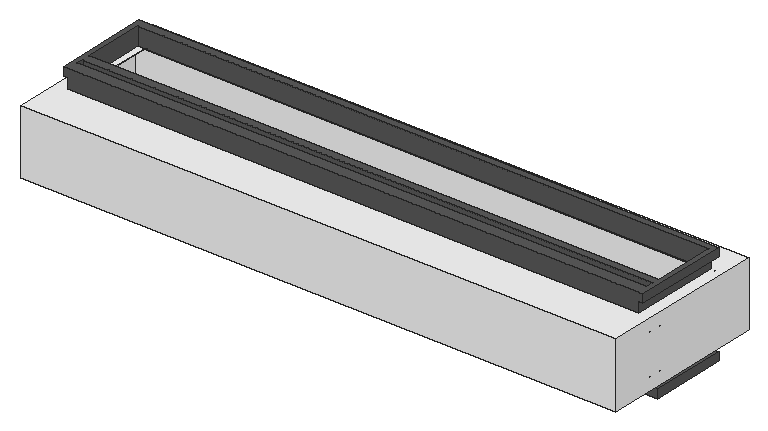
Revit family "C Series - C1520STIO - Front Intake", category Generic Models, host Face, Revit 2019
Family settings
  Host = Face
  Can host rebar = No
  Round Connector Dimension = Use Diameter
  Part Type = Normal
  Cut with Voids When Loaded = Yes
  Shared = Yes
  Room Calculation Point = No
Parameters (values of type "As Specified")
  URL = "https://www.montigo.com/"
  Top Offset Right = 0"
  Top Offset Left = 0"
  Manufacturer Website = "https://www.montigo.com/"
  Manufacturer Phone - Toll Free = "800-378-3115"
  Manufacturer Phone = ""
  Manufacturer Fax = ""
  Manufacturer Address = "27342 Gloucester Way  Langley, BC, Canada   V4W 4A1"
  Manufacturer = "Montigo"
  Length = 192 3/16"
  Intake Duct Offset = 6"
  Height = 53 113/256"
  HVAC_Exit Diameter = 8"
  HVAC_Entry Diameter = 7"
  HVAC_BTU Output = 0.0 Btu/h
  HVAC_BTU Input = 0.0 Btu/h
  Glazing Tint = Glass - Montigo - Tint as Specified
  Frame Material = Metal - Montigo - Black
  Firebox Material = Metal - Montigo - White
  Fire Place Opening Length = 43"
  Fire Place Opening = 30 1/2"
  Description = "Montigo Fireplace as Specified"
  Depth = 20 225/256"
  Default Elevation = 48"
  COOLPack Consumption = 1200 CFM
  Base Offset Right = 9"
  Base Offset Left = 9"
  Base Offset = 1"
  Base Height = 14 49/256"
  Assembly Code = "D3020"
Reference planes (in)
  plane 1 "Center (Front/Back)": y = 0
  plane 2: z = 0
  plane 3 "Center (Left/Right)": x = 0
  plane 4: x = -96.09375
  plane 5: x = 96.09375
  plane 6: y = 26.7207
  plane 7: y = -26.7207
  plane 8: y = -12.5293
  plane 9: z = 0
  plane 10: z = -20.87891
  plane 11: z = -10.43945
  plane 12: x = -93.5
  plane 13: x = 93.5
  plane 14: y = 17.9707
Forms (in)
  Extrusion 1, solid, material "Metal - Montigo - White" <- "Firebox Material"
    sketch origin (-60.41868, -180, 0) x (-1, 0, 0) y (0, -1, 0)
      loop
        line (35.67507, -206.7207) -> (35.67507, -153.2793) -> (-156.51243, -153.2793) -> (-156.51243, -206.7207) -> (35.67507, -206.7207)
    from 0 to -20.87891
  Extrusion 2, solid, material "Metal - Montigo - Black" <- "Frame Material"
    sketch origin (-60.41868, -180, 0) x (-1, 0, 0) y (0, -1, 0)
      loop
        line (33.08132, -197.9707) -> (33.08132, -167.4707) -> (-153.91868, -167.4707) -> (-153.91868, -197.9707) -> (33.08132, -197.9707)
    from 0 to 6
  Sweep 3, void
    path in 3D
      loop
        line (93.5, -12.5293, 6) -> (93.5, 17.9707, 6) -> (-93.5, 17.9707, 6) -> (-93.5, -12.5293, 6)
    profile origin (93.5, 2.7207, 6) x (-1, 0, 0) y (0, 0, 1)
      loop
        line (0, -6) -> (1.375, -6) -> (1.375, -2.75) -> (0, -2.75) -> (0, -6)
  Extrusion 4, void
    sketch origin (-60.41868, -180, 0) x (0, -1, 0) y (-1, 0, 0)
      loop
        line (-196.4082, 33.08132) -> (-196.4082, -153.91868) -> (-174.9082, -153.91868) -> (-174.9082, 33.08132) -> (-196.4082, 33.08132)
    from 0.125 to 20.75
  Extrusion 5, void
    sketch origin (-60.41868, -181.80859, 0) x (0, -1, 0) y (-1, 0, 0)
      loop
        line (-197.52539, 31.58132) -> (-197.52539, -152.41868) -> (-177.52539, -152.41868) -> (-177.52539, 31.58132) -> (-197.52539, 31.58132)
    from -6 to 0
  Extrusion 6, void
    sketch origin (-60.41868, -180, 0) x (0, -1, 0) y (-1, 0, 0)
      loop
        line (-195.71679, 29.58132) -> (-195.71679, -150.41868) -> (-175.7168, -150.41868) -> (-175.7168, 29.58132) -> (-195.71679, 29.58132)
    from -1 to 1
  Extrusion 7, void
    sketch origin (-60.41868, -180, 0) x (0, -1, 0) y (-1, 0, 0)
      loop
        line (-173.4082, 31.58132) -> (-173.4082, -152.41868) -> (-171.0332, -152.41868) -> (-171.0332, 31.58132) -> (-173.4082, 31.58132)
    from -6 to -3.25
  Extrusion 8, void
    sketch origin (0, -1.69589, -0.88973) x (0, 1, 0) y (0, 0, 1)
      loop
        circle (-11.27091, -16.05168) r 0.4375
      loop
        circle (-7.27091, -16.05168) r 0.4375
      loop
        circle (-11.27091, -3.05168) r 0.4375
      loop
        circle (-7.27091, -3.05168) r 0.4375
    from 96.09375 to 95.46962
  Extrusion 9, solid, material "Metal - Montigo - Black" <- "Frame Material"
    sketch origin (-60.41868, -180, -20.875) x (0, 1, 0) y (1, 0, 0)
      loop
        line (197.9707, -33.08132) -> (197.9707, 153.91868) -> (173.4707, 153.91868) -> (173.4707, -33.08132) -> (197.9707, -33.08132)
    from 0 to 6
  Sweep 10, void
    path in 3D
      loop
        line (93.5, -12.5293, -26.87891) -> (93.5, 17.9707, -26.87891) -> (-93.5, 17.9707, -26.87891) -> (-93.5, -12.5293, -26.87891)
    profile origin (93.5, 2.7207, -26.87891) x (1, 0, 0) y (0, 0, -1)
      loop
        line (0, -6) -> (0, -2.75) -> (-1.375, -2.75) -> (-1.375, -6) -> (0, -6)
  Extrusion 11, void
    sketch origin (-60.41868, -181.80859, -20.87891) x (1, 0, 0) y (0, 1, 0)
      loop
        line (-31.58132, 197.52539) -> (-31.58132, 177.52539) -> (152.41868, 177.52539) -> (152.41868, 197.52539) -> (-31.58132, 197.52539)
    from -6 to 0
  Extrusion 12, void
    sketch origin (-60.41868, -180, -20.87891) x (1, 0, 0) y (0, 1, 0)
      loop
        line (-29.58132, 195.71679) -> (-29.58132, 175.7168) -> (150.41868, 175.7168) -> (150.41868, 195.71679) -> (-29.58132, 195.71679)
    from -1 to 1
Cuts and joins
  Sweep 3, Extrusion 4, Extrusion 5, Extrusion 7, Sweep 10, Extrusion 11, Extrusion 12 cuts Extrusion 2
  Extrusion 4, Extrusion 5, Extrusion 6, Extrusion 7, Extrusion 8, Sweep 10, Extrusion 11, Extrusion 12 cuts Extrusion 1
  Sweep 10, Extrusion 11 cuts Extrusion 9
Lines and regions (in)
  symbolic lines
    curve 1: line (92.125, 54.21644, 0) -> (92.125, 50.96644, 0)
    curve 2: line (92.125, 50.96644, 0) -> (93.5, 50.96644, 0)
    curve 6: line (92, 16.4082, 0) -> (92, -3.2832, 0)
    curve 7: line (-92, -3.2832, 0) -> (-92, 16.4082, 0)
  sketch lines
    curve 3: line (93.5, -12.5293, 6) -> (93.5, 17.9707, 6)
    curve 4: line (93.5, 17.9707, 6) -> (-93.5, 17.9707, 6)
    curve 5: line (-93.5, 17.9707, 6) -> (-93.5, -12.5293, 6)
    curve 8: line (93.5, -12.5293, -26.87891) -> (93.5, 17.9707, -26.87891)
    curve 9: line (93.5, 17.9707, -26.87891) -> (-93.5, 17.9707, -26.87891)
    curve 10: line (-93.5, 17.9707, -26.87891) -> (-93.5, -12.5293, -26.87891)
Dimensions and locks (in)
  equal spacing: plane 4, plane 3 "Center (Left/Right)", plane 5
  "Length": plane 4 to plane 5
  equal spacing: plane 7, plane 1 "Center (Front/Back)", plane 6
  "Height": plane 7 to plane 6
  "Base Height": plane 7 to plane 8
  "Depth": plane 9 to plane 10
  equal spacing: plane 9, plane 11, plane 10
  locked: plane 4 to plane 12 at 2.59375
  locked: plane 13 to plane 5 at 2.59375
  "Fire Place Opening": plane 8 to plane 14
  locked: Extrusion 4 sketch curve to plane 8 at 7.4375
  locked: Extrusion 4 sketch curve to plane 14 at 1.5625
  locked: plane 8 to cut or joined group 1 (Extrusion 1, Extrusion 4, Extrusion 5, Extrusion 6, Extrusion 7, Extrusion 8, Sweep 10, Extrusion 11, Extrusion 12) at 7.4375
  locked: cut or joined group 1 to plane 14 at 1.5625
  locked: plane 12 to Extrusion 5 sketch curve at 1.5
  locked: Extrusion 5 sketch curve to plane 13 at 1.5
  locked: plane 12 to Extrusion 6 sketch curve at 3.5
  locked: Extrusion 6 sketch curve to plane 13 at 3.5
  Extrusion 6 sketch curve to plane 14 = 2 65/256"
  locked: Extrusion 6 sketch curve to plane 8 at 8.24609
  locked: plane 12 to Extrusion 7 sketch curve at 1.5
  locked: Extrusion 7 sketch curve to plane 13 at 1.5
  locked: plane 8 to Extrusion 7 sketch curve at 5.9375
  locked: plane 8 to Extrusion 7 sketch curve at 3.5625
  locked: cut or joined group 1 to plane 5 at 0.62413
  cut or joined group of Extrusion 2, Sweep 3, Extrusion 4, Extrusion 5, Extrusion 7, Sweep 10, Extrusion 11, Extrusion 12 to cut or joined group of Extrusion 2, Sweep 3, Extrusion 4, Extrusion 5, Extrusion 7, Sweep 10, Extrusion 11, Extrusion 12 = 20"
  aligned and locked: plane 2 to host face
  aligned and locked: level to host face
  aligned and locked: Extrusion 1 sketch curve to plane 6
  aligned and locked: Extrusion 1 to plane 10
  aligned and locked: plane 5 to Extrusion 1
  aligned and locked: Extrusion 1 sketch curve to plane 7
  aligned and locked: plane 9 to level
  aligned and locked: Extrusion 2 sketch curve to plane 14
  aligned and locked: plane 12 to Extrusion 2 sketch curve
  aligned and locked: Extrusion 2 sketch curve to plane 8
  aligned and locked: plane 13 to Extrusion 2 sketch curve
  aligned and locked: Extrusion 2 to level
  aligned and locked: plane 12 to Extrusion 4 sketch curve
  aligned and locked: plane 13 to Extrusion 4 sketch curve
  aligned and locked: Extrusion 2 to Extrusion 5
  aligned and locked: Extrusion 5 to level
  aligned and locked: Extrusion 2 to Extrusion 7
  aligned and locked: Extrusion 7 to Sweep 3
  aligned and locked: Extrusion 8 to cut or joined group 1
Automatic sketch dimensions
  host sketch curve to host sketch curve = 96"  (x2)
  profile plane to Sweep 10 sketch curve = 0"
  Sweep 10 sketch curve to Sweep 10 sketch curve = 1 3/8"
  Sweep 10 sketch curve to profile plane = 6"
  Sweep 10 sketch curve to profile plane = 2 3/4"
  Extrusion 1 sketch curve to plane 5 = 0"
  Extrusion 1 sketch curve to plane 4 = 0"
  curve 2 to plane 13 = 0"
  plane 13 to curve 2 = 1 3/8"
  curve 2 to plane 6 = 24.24574"
  plane 13 to curve 6 = 1 1/2"
  plane 12 to curve 7 = 1 1/2"
  curve 1 to curve 1 = 3 1/4"
  plane 14 to curve 7 = 1 9/16"
  plane 14 to curve 6 = 1 9/16"
  plane 1 "Center (Front/Back)" to curve 7 = 3.2832"
  plane 1 "Center (Front/Back)" to curve 6 = 3.2832"
  Sweep 3 sketch curve to profile plane = 0"
  Sweep 3 sketch curve to Sweep 3 sketch curve = 1 3/8"
  Sweep 3 sketch curve to profile plane = 6"
  Sweep 3 sketch curve to profile plane = 2 3/4"
  plane 14 to Extrusion 5 sketch curve = 2 65/256"
  plane 1 "Center (Front/Back)" to Extrusion 5 sketch curve = 4.2832"
  plane 8 to Extrusion 8 sketch curve = 7/16"  (x2)
  Extrusion 8 sketch curve to plane 8 = 3 9/16"  (x2)
  plane 10 to Extrusion 8 sketch curve = 3 15/16"  (x2)
  Extrusion 8 sketch curve to level = 3 241/256"  (x2)
  Extrusion 9 sketch curve to plane 8 = 6"
  Extrusion 9 sketch curve to plane 12 = 0"
  Extrusion 9 sketch curve to plane 14 = 0"
  Extrusion 9 sketch curve to plane 13 = 0"
  plane 12 to Extrusion 11 sketch curve = 1 1/2"
  plane 13 to Extrusion 11 sketch curve = 1 1/2"
  plane 1 "Center (Front/Back)" to Extrusion 11 sketch curve = 4.2832"
  plane 14 to Extrusion 11 sketch curve = 2 65/256"
  plane 12 to Extrusion 12 sketch curve = 3 1/2"
  plane 13 to Extrusion 12 sketch curve = 3 1/2"
  plane 1 "Center (Front/Back)" to Extrusion 12 sketch curve = 4.2832"
  plane 14 to Extrusion 12 sketch curve = 2 65/256"
  radius of Extrusion 8 sketch curve = 7/16"  (x4)
